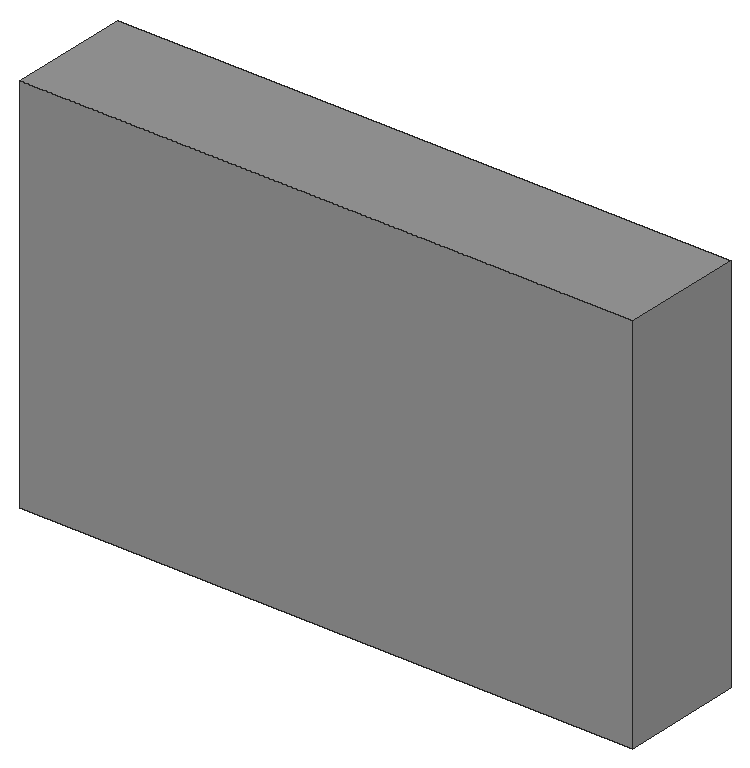
Revit family "GUIYONA_12W_3000K_700LM_BLANC", category Lighting Fixtures, host Wall, Revit 2021
Family settings
  Host = Wall
  Round Connector Dimension = Use Diameter
  Part Type = Normal
  OmniClass Number = 23.80.70.00
  OmniClass Title = Lighting
  Always vertical = Yes
  Cut with Voids When Loaded = No
  Light Source = Yes
  Shared = No
  Room Calculation Point = No
Parameters
  Wattage = 4.71247 W
  built-in parameter 1150110 = 1 (stored number, unit not read)
  Type de lampe = "2835 SMD LED"
  Type = "Applique murale"
  built-in parameter 1114217 = 1 (stored number, unit not read)
  built-in parameter 1150109 = 1 (stored number, unit not read)
  built-in parameter 1150134 = (empty or 0)
  built-in parameter 1150113 = 1 (stored number, unit not read)
  Puissance nominale = "12W"
  Matériau = "ABS"
  Lumens = 700 lm
  built-in parameter 1150115 = 1 (stored number, unit not read)
  built-in parameter 1150105 = 222.82 (stored number, unit not read)
  Light Source Symbol Size = 609.6 mm
  built-in parameter 1150137 = (empty or 0)
  built-in parameter 1150139 = (empty or 0)
  built-in parameter 1150112 = 1 (stored number, unit not read)
  built-in parameter 1150114 = 1 (stored number, unit not read)
  built-in parameter 1150132 = 2
  built-in parameter 1150102 = (empty or 0)
  built-in parameter 1150138 = (empty or 0)
  built-in parameter 1150107 = 3000 (stored number, unit not read)
  built-in parameter 1150106 = 2.2282 (stored number, unit not read)
  Fintion = "Blanc"
  Emit from Line Length = 609.6 mm
  built-in parameter 1150104 = 13.8 (stored number, unit not read)
  Driver = "Driver Eaglerise 300mA"
  Dimming Lamp Color Temperature Shift = <None>
  Dimensions = "200 x 39 x 125 mm"
  Diffuseur = "Polycarbonate"
  Default Elevation = 0 mm
  Color Filter = 16777215
  built-in parameter 1114218 = 1 (stored number, unit not read)
  built-in parameter 1150133 = 10 (stored number, unit not read)
  Alimentation luminaire = "300mA"
  Alimentation Driver = "AC 100-240V"
Reference planes
  plane 1: y = 0
  plane 2 "Light Source Axis (F/B)": y = 203.2
  plane 3 "Light Source Axis (L/R)": x = -36.356
  plane 4 "Light Source Elevation": z = 2000
Forms (mm)
  Extrusion 1, solid, material "Plastic, Opaque White"
    sketch origin (-36.356, 0, 0) x (0, -1, 0) y (0, 0, 1)
      loop
        line (-115, 2062.5) -> (-115, 1937.5) -> (-75, 1937.5) -> (-75, 2062.5) -> (-115, 2062.5)
    from -100 to 100
  Extrusion 2, void
    sketch origin (0, 0, 2000) x (0, 1, 0) y (-1, 0, 0)
      loop
        line (112.738, 134.017) -> (77.738, 134.017) -> (77.738, -60.983) -> (112.738, -60.983) -> (112.738, 134.017)
    from -159.126 to 54.783
  Extrusion 3, solid, material "Glass, White, High Luminance"
    sketch origin (0, 203.2, 0) x (1, 0, 0) y (0, 0, 1)
      loop
        line (60.983, 1949.633) -> (-134.017, 1949.633) -> (-134.017, 1945.824) -> (60.983, 1945.824) -> (60.983, 1949.633)
    from 90 to 125.462
Cuts and joins
  Extrusion 2 cuts Extrusion 1
Lines and regions (mm)
  reference lines
    curve 1: line (-36.356, 203.2, 2000) -> (-136.356, 203.2, 2000)
    curve 2: line (-36.356, 203.2, 2000) -> (63.644, 203.2, 2000)
    curve 3: line (63.644, 203.2, 2000) -> (63.644, 203.2, 2062.5)
    curve 4: line (63.644, 203.2, 2062.5) -> (-136.356, 203.2, 2062.5)
    curve 5: line (-136.356, 203.2, 2062.5) -> (-136.356, 203.2, 1937.5)
    curve 6: line (63.644, 203.2, 1937.5) -> (63.644, 203.2, 2000)
    curve 7: line (-36.356, -75, 2000) -> (-36.356, -36, 2000)
    curve 8: line (-220.39, 203.2, 2000) -> (139.61, 203.2, 2000)
    curve 9: line (-220.39, 113.2, 2000) -> (-220.39, 203.2, 2000)
    curve 10: line (139.61, 113.2, 2000) -> (-220.39, 113.2, 2000)
    curve 11: line (139.61, 203.2, 2000) -> (139.61, 113.2, 2000)
Text (mm)
  text "Placement Side" at (0, 1019.848, 2973.606), in view "Right"
  text "Placement Side" at (-1787.662, 723.012, 0), in view "Ref. Level"
  text "Placement Side" at (0, 1206.291, 3020.473), in view "Left"
Dimensions and locks
  aligned and locked: plane 3 "Light Source Axis (L/R)" to imposter light
  aligned and locked: plane 2 "Light Source Axis (F/B)" to imposter light
  aligned and locked: plane 4 "Light Source Elevation" to imposter light
